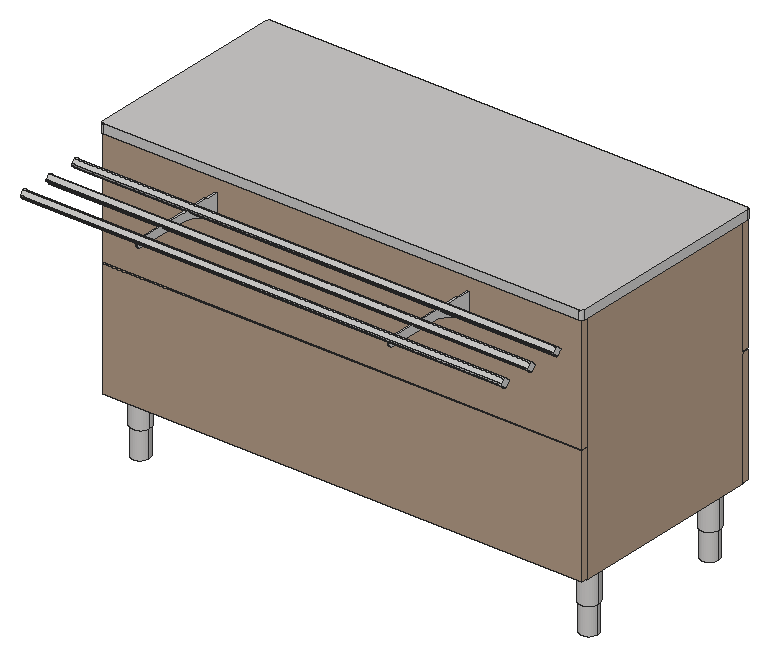
Revit family "QF_ELECTROLUXPROFESSIONAL_322110_F00N4AF00W", category Specialty Equipment, Revit 2018
Family settings
  Round Connector Dimension = Use Diameter
  Part Type = Normal
  Work Plane-Based = No
  Always vertical = Yes
  Cut with Voids When Loaded = No
  Shared = No
  Room Calculation Point = No
Parameters (values of type "Standard")
  Weight = 88.00 kg
  Watts = 0 W
  Volts = 0 V
  URL Manufacturer = "http://professional.electrolux.com"
  URL = "http://professional.electrolux.com"
  Steam Supply Size = 0 mm
  Steam Supply Minimum Pressure = 0.0 Pa
  Steam Supply Maximum Pressure = 0.0 Pa
  Steam Pounds per Hour = 0
  Show Clearance [instance] = yes
  Refrigeration Suction Line Size = 0 mm
  Refrigeration Liquid Line Size = 0 mm
  Refrigerant Compressor Remote = yes
  Manufacturer = "Electrolux Professional"
  Phase = 0
  Model = "F00N4AF00W"
  Length Actual = 1420 mm  # constant formula
  Item Number = "322110"
  Hot Water Size = 0 mm
  Height Actual = 900 mm  # constant formula
  HP = "0 HP"
  Gas Size = 0 mm
  Gas KW = 0
  Gas Input Pressure = 0 W
  Direct Waste Size = 0 mm
  Description = "AMBIENT UNIT, 4GN H=900MM"
  Depth Actual = 915 mm  # constant formula
  Cycle = 0 Hz
  Condensate Return Size = 0 mm
  Compressed Air Volume = 0.0 L/s
  Compressed Air Size = 0 mm
  Compressed Air Pressure = 0.0 Pa
  Cold Water Size = 0 mm
  Accessory = yes
Types (2, lengths in mm): name | URL | Manufacturer | Model | Description
  (no name) | 0 | 0 | 0 | 0
  Standard | "http://professional.electrolux.com" | "Electrolux Professional" | "F00N4AF00W" | "AMBIENT UNIT, 4GN H=900MM"
Values of the unnamed type that differ from the named types
  URL Manufacturer = ""
  Item Number = ""
  HP = ""
Reference planes
  plane 1 "Centro (Fronte/Retro)": y = 74.737
  plane 2: z = 0
  plane 3 "BACK": y = 384.737
  plane 4 "FRONT": y = -235.263
  plane 5: z = 900
  plane 6 "RIGHT": x = 195.731
  plane 7 "LEFT": x = -1224.269
  plane 8: x = -514.269
  plane 9: y = 664.737
  plane 10: y = -515.263
  plane 11: z = 179
  plane 12: z = 1304
  plane 13: z = 1222
  plane 14: y = 316.737
  plane 15: x = -1146.269
  plane 16: x = 117.731
  plane 17: x = -1220.269
  plane 18: y = -231.263
  plane 19: x = 191.731
  plane 20: y = 380.737
  plane 21: z = 874
  plane 22: y = 362.737
  plane 23: y = -213.263
  plane 24: z = 182
  plane 25: z = 527
  plane 26: z = 531
  plane 27: x = 16.731
  plane 28: x = -1045.269
Forms (mm)
  Extrusion 1, solid, material "QF_Finishes_Wood"
    sketch origin (0, 0, 0) x (1, 0, 0) y (0, 1, 0)
      loop
        line (-1220.269, 362.737) -> (-1220.269, -213.263) -> (191.731, -213.263) -> (191.731, 362.737) -> (-1220.269, 362.737)
    from 179 to 874
  Extrusion 2, solid, material "QF_Finishes_Wood"
    sketch origin (191.731, 362.737, 0) x (0, -1, 0) y (0, 0, -1)
      loop
        line (576, -182) -> (576, -527) -> (594, -527) -> (594, -182) -> (576, -182)
      loop
        line (576, -531) -> (576, -874) -> (594, -874) -> (594, -531) -> (576, -531)
    from 0 to -1412
  Extrusion 3, solid, material "QF_Finishes_Wood"
    sketch origin (191.731, -213.263, 0) x (0, 1, 0) y (0, 0, 1)
      loop
        line (576, 531) -> (594, 531) -> (594, 874) -> (576, 874) -> (576, 531)
    from 0 to -1412
  Extrusion 4, solid, material "QF_Finishes_Stainless Steel"
    sketch origin (0, 0, 0) x (1, 0, 0) y (0, 1, 0)
      loop
        arc (-1214.269, 384.737) -> (-1221.34, 381.808) -> (-1224.269, 374.737) r 10
        line (-1224.269, 374.737) -> (-1224.269, -225.263)
        arc (-1224.269, -225.263) -> (-1221.34, -232.334) -> (-1214.269, -235.263) r 10
        line (-1214.269, -235.263) -> (185.731, -235.263)
        arc (185.731, -235.263) -> (192.802, -232.334) -> (195.731, -225.263) r 10
        line (195.731, -225.263) -> (195.731, 374.737)
        arc (195.731, 374.737) -> (192.802, 381.808) -> (185.731, 384.737) r 10
        line (185.731, 384.737) -> (-1214.269, 384.737)
    from 874 to 900
  Extrusion 5, solid, material "QF_Finishes_Wood"
    sketch origin (191.731, -213.263, -348) x (0, 1, 0) y (0, 0, 1)
      loop
        line (576, 530) -> (594, 530) -> (594, 875) -> (576, 875) -> (576, 530)
    from 0 to -1412
  Extrusion 6, solid, material "QF_Finishes_Stainless Steel"
    sketch origin (-145.769, 362.737, 0) x (0, -1, 0) y (0, 0, -1)
      loop
        arc (628.84, -832.7) -> (632.082, -833.911) -> (635.519, -834.32) r 14.5
        line (635.519, -834.32) -> (675.715, -834.32) -> (689.858, -820.177) -> (704, -834.32) -> (770.715, -834.32) -> (784.858, -820.177) -> (799, -834.32) -> (865.716, -834.32) -> (879.858, -820.177) -> (887.686, -828.005) -> (887.686, -821.352)
        arc (887.686, -821.352) -> (887.303, -819.435) -> (886.214, -817.81) r 4.999
        line (886.214, -817.81) -> (881.179, -812.776)
        arc (881.179, -812.776) -> (879.559, -811.698) -> (877.651, -811.32) r 5
        line (877.651, -811.32) -> (732.206, -811.32)
        arc (732.206, -811.32) -> (708.662, -809.221) -> (685.86, -802.991) r 133.106
        line (685.86, -802.991) -> (638.285, -785.32) -> (597.679, -770.12) -> (594, -770.12) -> (594, -832.7) -> (628.84, -832.7)
    from 0 to 5
  Extrusion 7, solid, material "QF_Finishes_Stainless Steel"
    sketch origin (-887.769, 362.737, 0) x (0, -1, 0) y (0, 0, -1)
      loop
        arc (628.84, -832.7) -> (632.082, -833.911) -> (635.519, -834.32) r 14.5
        line (635.519, -834.32) -> (675.715, -834.32) -> (689.858, -820.177) -> (704, -834.32) -> (770.715, -834.32) -> (784.858, -820.177) -> (799, -834.32) -> (865.716, -834.32) -> (879.858, -820.177) -> (887.686, -828.005) -> (887.686, -821.352)
        arc (887.686, -821.352) -> (887.303, -819.435) -> (886.214, -817.81) r 4.999
        line (886.214, -817.81) -> (881.179, -812.776)
        arc (881.179, -812.776) -> (879.559, -811.698) -> (877.651, -811.32) r 5
        line (877.651, -811.32) -> (732.206, -811.32)
        arc (732.206, -811.32) -> (708.662, -809.221) -> (685.86, -802.991) r 133.106
        line (685.86, -802.991) -> (638.285, -785.32) -> (597.679, -770.12) -> (594, -770.12) -> (594, -832.7) -> (628.84, -832.7)
    from 0 to 5
  Extrusion 8, solid, material "QF_Finishes_Stainless Steel"
    sketch origin (-133.269, 362.737, 0) x (0, -1, 0) y (0, 0, -1)
      loop
        line (881.983, -846.337) -> (891.875, -836.445)
        arc (891.875, -836.445) -> (892.757, -834.322) -> (891.879, -832.198) r 3
        line (891.879, -832.198) -> (881.979, -822.299)
        arc (881.979, -822.299) -> (879.858, -821.42) -> (877.737, -822.299) r 3
        line (877.737, -822.299) -> (867.837, -832.198)
        arc (867.837, -832.198) -> (866.958, -834.32) -> (867.837, -836.441) r 3
        line (867.837, -836.441) -> (877.737, -846.34)
        arc (877.737, -846.34) -> (879.86, -847.219) -> (881.983, -846.337) r 3
      loop
        line (786.979, -846.34) -> (796.879, -836.441)
        arc (796.879, -836.441) -> (797.757, -834.32) -> (796.879, -832.198) r 3
        line (796.879, -832.198) -> (786.979, -822.299)
        arc (786.979, -822.299) -> (784.858, -821.42) -> (782.737, -822.299) r 3
        line (782.737, -822.299) -> (772.837, -832.198)
        arc (772.837, -832.198) -> (771.958, -834.317) -> (772.833, -836.437) r 3
        line (772.833, -836.437) -> (782.741, -846.345)
        arc (782.741, -846.345) -> (784.861, -847.219) -> (786.979, -846.34) r 3
      loop
        line (691.976, -846.343) -> (701.882, -836.438)
        arc (701.882, -836.438) -> (702.757, -834.318) -> (701.879, -832.198) r 3
        line (701.879, -832.198) -> (691.979, -822.299)
        arc (691.979, -822.299) -> (689.858, -821.42) -> (687.737, -822.299) r 3
        line (687.737, -822.299) -> (677.837, -832.198)
        arc (677.837, -832.198) -> (676.958, -834.32) -> (677.837, -836.441) r 3
        line (677.837, -836.441) -> (687.737, -846.34)
        arc (687.737, -846.34) -> (689.856, -847.219) -> (691.976, -846.343) r 3
    from 329 to -1091
Lines and regions (mm)
  symbolic lines
    curve 1: line (195.731, -530.263, 0) -> (-1224.269, -530.263, 0)
    curve 2: line (-1224.269, -530.263, 0) -> (-1224.269, -235.263, 0)
    curve 3: line (-1214.269, 384.737, 0) -> (185.731, 384.737, 0)
    curve 4: line (-1224.269, -235.263, 0) -> (195.731, -235.263, 0)
    curve 5: line (195.731, 374.737, 0) -> (195.731, -225.263, 0)
    curve 6: line (195.731, -235.263, 0) -> (195.731, -530.263, 0)
    curve 7: line (-1224.269, -225.263, 0) -> (-1224.269, 374.737, 0)
    curve 8: arc (-1224.269, -225.263, 0) -> (-1221.34, -232.334, 0) -> (-1214.269, -235.263, 0) r 10
    curve 9: arc (-1224.269, 374.737, 0) -> (-1221.34, 381.808, 0) -> (-1214.269, 384.737, 0) r 10
    curve 10: arc (185.731, 384.737, 0) -> (192.802, 381.808, 0) -> (195.731, 374.737, 0) r 10
    curve 11: arc (185.731, -235.263, 0) -> (192.802, -232.334, 0) -> (195.731, -225.263, 0) r 10
Dimensions and locks
  plane 7 "LEFT" to plane 6 "RIGHT" = 1420 mm
  equal spacing: plane 3 "BACK", plane 1 "Centro (Fronte/Retro)", plane 4 "FRONT"
  plane 3 "BACK" to plane 4 "FRONT" = 620 mm
  equal spacing: plane 7 "LEFT", plane 8, plane 6 "RIGHT"
  locked: plane 9 to plane 3 "BACK" at 280
  locked: plane 4 "FRONT" to plane 10 at 280
  plane 11 to plane 2 = 179 mm
  locked: plane 5 to plane 2 at 900
  locked: plane 12 to plane 2 at 1304
  locked: plane 13 to plane 2 at 1222
  locked: plane 3 "BACK" to plane 14 at 68
  locked: plane 7 "LEFT" to plane 15 at 78
  locked: plane 16 to plane 6 "RIGHT" at 78
  locked: plane 3 "BACK" to plane 20 at 4
  locked: plane 7 "LEFT" to plane 17 at 4
  locked: plane 19 to plane 6 "RIGHT" at 4
  locked: plane 18 to plane 4 "FRONT" at 4
  locked: plane 5 to plane 21 at 26
  locked: plane 23 to plane 18 at 18
  locked: plane 20 to plane 22 at 18
  locked: plane 19 to plane 27 at 175
  locked: plane 28 to plane 17 at 175
  plane 9 to plane 10 = 1180 mm
  plane 6 "RIGHT" to plane 16 = 78 mm
  plane 15 to plane 7 "LEFT" = 78 mm
  aligned and locked: level to plane 2
  aligned and locked: Extrusion 1 sketch curve to plane 22
  aligned and locked: plane 17 to Extrusion 1 sketch curve
  aligned and locked: plane 23 to Extrusion 1 sketch curve
  aligned and locked: Extrusion 1 sketch curve to plane 19
  aligned and locked: Extrusion 1 to plane 21
  aligned and locked: Extrusion 1 to plane 11
  aligned and locked: plane 24 to Extrusion 2 sketch curve
  aligned and locked: Extrusion 2 sketch curve to plane 23  (x2)
  aligned and locked: Extrusion 2 sketch curve to plane 25
  aligned and locked: plane 18 to Extrusion 2 sketch curve  (x2)
  aligned and locked: plane 26 to Extrusion 2 sketch curve
  aligned and locked: Extrusion 2 sketch curve to plane 21
  aligned and locked: Extrusion 2 to plane 17
  aligned and locked: Extrusion 3 to plane 17
  aligned and locked: Extrusion 4 sketch curve to plane 3 "BACK"
  aligned and locked: plane 7 "LEFT" to Extrusion 4 sketch curve
  aligned and locked: plane 4 "FRONT" to Extrusion 4 sketch curve
  aligned and locked: Extrusion 4 sketch curve to plane 6 "RIGHT"
  aligned and locked: Extrusion 4 to plane 21
  aligned and locked: Extrusion 5 to plane 24
  aligned and locked: plane 25 to Extrusion 5
  aligned and locked: Extrusion 5 to plane 17
  aligned and locked: plane 19 to Extrusion 5
  aligned and locked: plane 6 "RIGHT" to Extrusion 8
  aligned and locked: Extrusion 8 to plane 7 "LEFT"
Automatic sketch dimensions
  Extrusion 1 to Extrusion 3 sketch curve = 0 mm
  Extrusion 3 sketch curve to Extrusion 1 = 0 mm
  Extrusion 3 sketch curve to Extrusion 3 sketch curve = 18 mm
  Extrusion 3 sketch curve to Extrusion 3 sketch curve = 343 mm
  Extrusion 5 sketch curve to Extrusion 1 = 0 mm
  Extrusion 5 sketch curve to Extrusion 5 sketch curve = 18 mm
  Extrusion 1 to Extrusion 5 sketch curve = 3 mm
  Extrusion 5 sketch curve to Extrusion 5 sketch curve = 345 mm
  plane 17 to Extrusion 4 sketch curve = 6 mm  (x2)
  Extrusion 4 sketch curve to plane 19 = 6 mm  (x2)
  Extrusion 6 sketch curve to plane 18 = 0 mm
  plane 4 "FRONT" to Extrusion 6 sketch curve = 0.321 mm
  Extrusion 6 sketch curve to plane 4 "FRONT" = 30.84 mm
  Extrusion 6 sketch curve to Extrusion 6 sketch curve = 6.66 mm
  Extrusion 6 sketch curve to Extrusion 6 sketch curve = 6.678 mm
  Extrusion 6 sketch curve to Extrusion 6 sketch curve = 2.785 mm
  Extrusion 6 sketch curve to Extrusion 6 sketch curve = 40.197 mm
  Extrusion 6 sketch curve to Extrusion 6 sketch curve = 10.145 mm
  Extrusion 6 sketch curve to Extrusion 6 sketch curve = 3.998 mm
  Extrusion 6 sketch curve to plane 21 = 39.68 mm  (x2)
  Extrusion 6 sketch curve to Extrusion 6 sketch curve = 14.142 mm  (x3)
  Extrusion 6 sketch curve to Extrusion 6 sketch curve = 28.206 mm
  Extrusion 6 sketch curve to Extrusion 6 sketch curve = 38.51 mm
  Extrusion 6 sketch curve to Extrusion 6 sketch curve = 14.143 mm
  plane 10 to Extrusion 6 sketch curve = 12.284 mm
  plane 10 to Extrusion 6 sketch curve = 0.349 mm
  Extrusion 6 sketch curve to plane 10 = 1.858 mm
  Extrusion 6 sketch curve to plane 10 = 3.179 mm
  Extrusion 6 sketch curve to Extrusion 6 sketch curve = 2.829 mm
  Extrusion 6 sketch curve to Extrusion 6 sketch curve = 3.528 mm
  Extrusion 6 sketch curve to Extrusion 6 sketch curve = 4.999 mm
  Extrusion 6 sketch curve to Extrusion 6 sketch curve = 0 mm  (x2)
  Extrusion 6 sketch curve to Extrusion 6 sketch curve = 1.62 mm
  Extrusion 6 sketch curve to Extrusion 6 sketch curve = 6.314 mm
  Extrusion 6 sketch curve to Extrusion 6 sketch curve = 6.653 mm
  Extrusion 6 sketch curve to Extrusion 6 sketch curve = 1.175 mm
  Extrusion 6 sketch curve to Extrusion 6 sketch curve = 3.858 mm
  Extrusion 6 sketch curve to Extrusion 6 sketch curve = 3.543 mm
  Extrusion 6 sketch curve to Extrusion 6 sketch curve = 23 mm
  Extrusion 6 sketch curve to Extrusion 6 sketch curve = 17.187 mm
  Extrusion 6 sketch curve to Extrusion 6 sketch curve = 34.499 mm
  Extrusion 6 sketch curve to Extrusion 6 sketch curve = 15.2 mm
  Extrusion 7 sketch curve to plane 18 = 0 mm
  plane 4 "FRONT" to Extrusion 7 sketch curve = 0.321 mm
  Extrusion 7 sketch curve to plane 4 "FRONT" = 30.84 mm
  Extrusion 7 sketch curve to Extrusion 7 sketch curve = 6.66 mm
  Extrusion 7 sketch curve to Extrusion 7 sketch curve = 6.678 mm
  Extrusion 7 sketch curve to Extrusion 7 sketch curve = 2.785 mm
  Extrusion 7 sketch curve to Extrusion 7 sketch curve = 40.197 mm
  Extrusion 7 sketch curve to Extrusion 7 sketch curve = 10.145 mm
  Extrusion 7 sketch curve to Extrusion 7 sketch curve = 3.998 mm
  Extrusion 7 sketch curve to plane 21 = 39.68 mm  (x2)
  Extrusion 7 sketch curve to Extrusion 7 sketch curve = 14.142 mm  (x3)
  Extrusion 7 sketch curve to Extrusion 7 sketch curve = 28.206 mm
  Extrusion 7 sketch curve to Extrusion 7 sketch curve = 38.51 mm
  Extrusion 7 sketch curve to Extrusion 7 sketch curve = 14.143 mm
  plane 10 to Extrusion 7 sketch curve = 12.284 mm
  plane 10 to Extrusion 7 sketch curve = 0.349 mm
  Extrusion 7 sketch curve to plane 10 = 1.858 mm
  Extrusion 7 sketch curve to plane 10 = 3.179 mm
  Extrusion 7 sketch curve to Extrusion 7 sketch curve = 2.829 mm
  Extrusion 7 sketch curve to Extrusion 7 sketch curve = 3.528 mm
  Extrusion 7 sketch curve to Extrusion 7 sketch curve = 4.999 mm
  Extrusion 7 sketch curve to Extrusion 7 sketch curve = 0 mm  (x2)
  Extrusion 7 sketch curve to Extrusion 7 sketch curve = 1.62 mm
  Extrusion 7 sketch curve to Extrusion 7 sketch curve = 6.314 mm
  Extrusion 7 sketch curve to Extrusion 7 sketch curve = 6.653 mm
  Extrusion 7 sketch curve to Extrusion 7 sketch curve = 1.175 mm
  Extrusion 7 sketch curve to Extrusion 7 sketch curve = 3.858 mm
  Extrusion 7 sketch curve to Extrusion 7 sketch curve = 3.543 mm
  Extrusion 7 sketch curve to Extrusion 7 sketch curve = 23 mm
  Extrusion 7 sketch curve to Extrusion 7 sketch curve = 17.187 mm
  Extrusion 7 sketch curve to Extrusion 7 sketch curve = 34.499 mm
  Extrusion 7 sketch curve to Extrusion 7 sketch curve = 15.2 mm
  Extrusion 8 sketch curve to plane 21 = 39.68 mm
  Extrusion 8 sketch curve to plane 4 "FRONT" = 81.958 mm
  Extrusion 8 sketch curve to Extrusion 8 sketch curve = 9.899 mm  (x7)
  Extrusion 8 sketch curve to plane 21 = 27.657 mm
  Extrusion 8 sketch curve to Extrusion 8 sketch curve = 2.118 mm  (x3)
  Extrusion 8 sketch curve to plane 21 = 37.562 mm
  Extrusion 8 sketch curve to Extrusion 8 sketch curve = 2.124 mm  (x2)
  Extrusion 8 sketch curve to plane 21 = 37.563 mm
  Extrusion 8 sketch curve to Extrusion 8 sketch curve = 70.951 mm
  Extrusion 8 sketch curve to plane 21 = 41.802 mm  (x2)
  Extrusion 8 sketch curve to Extrusion 8 sketch curve = 0.004 mm  (x2)
  Extrusion 8 sketch curve to Extrusion 8 sketch curve = 2.126 mm
  Extrusion 8 sketch curve to plane 21 = 27.655 mm
  Extrusion 8 sketch curve to Extrusion 8 sketch curve = 9.908 mm
  Extrusion 8 sketch curve to Extrusion 8 sketch curve = 2.117 mm
  Extrusion 8 sketch curve to Extrusion 8 sketch curve = 9.9 mm  (x2)
  Extrusion 8 sketch curve to plane 21 = 27.66 mm  (x3)
  Extrusion 8 sketch curve to Extrusion 8 sketch curve = 2.121 mm  (x20)
  Extrusion 8 sketch curve to plane 21 = 37.559 mm  (x2)
  plane 10 to Extrusion 8 sketch curve = 10.163 mm
  Extrusion 8 sketch curve to Extrusion 8 sketch curve = 0 mm  (x14)
  plane 10 to Extrusion 8 sketch curve = 0.263 mm  (x2)
  Extrusion 8 sketch curve to plane 10 = 1.858 mm  (x2)
  Extrusion 8 sketch curve to Extrusion 8 sketch curve = 2.125 mm  (x2)
  Extrusion 8 sketch curve to plane 10 = 11.757 mm
  Extrusion 8 sketch curve to Extrusion 8 sketch curve = 9.892 mm
  curve 9 to plane 7 "LEFT" = 0 mm
  curve 1 to plane 7 "LEFT" = 0 mm
  curve 9 to plane 3 "BACK" = 0 mm
  curve 8 to plane 4 "FRONT" = 0 mm
  curve 1 to plane 6 "RIGHT" = 0 mm
  curve 5 to plane 6 "RIGHT" = 0 mm
  plane 17 to curve 8 = 6 mm
  plane 17 to curve 9 = 6 mm
  curve 10 to plane 19 = 6 mm
  plane 18 to curve 11 = 6 mm
  curve 6 to plane 10 = 15 mm
Nested families
  nested 1: "Foot_Ø50_H179" at (-1175.369, -148.263, 0), type "Foot_Ø50_H179"
  nested 2: "Foot_Ø50_H179" at (146.831, -148.263, 0), type "Foot_Ø50_H179"
  nested 3: "Foot_Ø50_H179" at (146.831, 297.737, 0), type "Foot_Ø50_H179"
  nested 4: "Foot_Ø50_H179" at (-1175.369, 297.737, 0), type "Foot_Ø50_H179"
Definition of nested family "Foot_Ø50_H179"
  Reference planes
    plane 1 "Centro (Fronte/Retro)": y = 0
    plane 2: z = 0
    plane 3 "Centro (Sinistra/Destra)": x = 0
    plane 4: z = 179
  Forms (mm)
    Revolve 1, solid
      sketch origin (255.05, 0, 608.09) x (0, 0, 1) y (-1, 0, 0)
        loop
          line (-608.09, 255.05) -> (-608.09, 230.05) -> (-526.09, 230.05) -> (-526.09, 226.05) -> (-429.09, 226.05) -> (-429.09, 255.05) -> (-608.09, 255.05)
        axis (-608.09, 255.05) -> (-429.09, 255.05)
      angle from 0 to 360
  Dimensions and locks
    Revolve 1 sketch curve to Revolve 1 sketch curve = 97 mm
    aligned and locked: level to plane 2
    aligned and locked: plane 4 to Revolve 1 sketch curve
    aligned and locked: Revolve 1 sketch curve to level
    aligned and locked: plane 3 "Centro (Sinistra/Destra)" to Revolve 1 sketch curve
